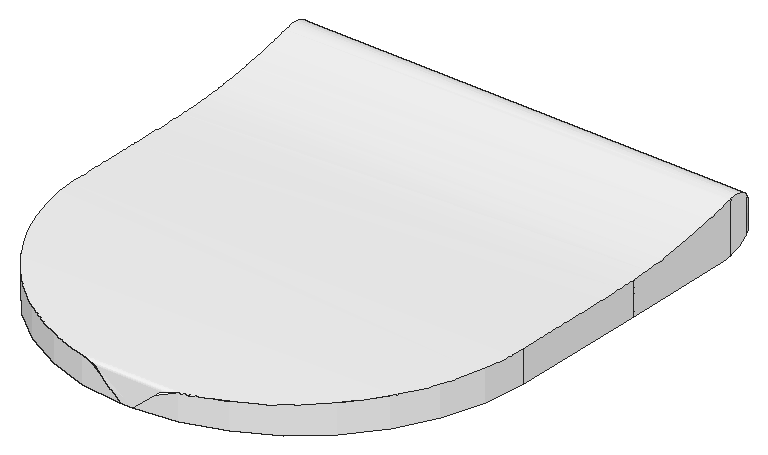
Revit family "Deca_Assento termofixo com easy clean e slow close_Termofixo UF_AP.286", category Plumbing Fixtures, host Face, Revit 2019
Family settings
  Host = Face
  Round Connector Dimension = Use Diameter
  Part Type = Normal
  Cut with Voids When Loaded = No
  Shared = Yes
  Room Calculation Point = No
Parameters (values of type "AP.286.17_Branco")
  Vazão na Pressão mín. (L/min) = "-"
  Vazão na Pressão máx. (L/min) = "-"
  URL = "www.deca.com.br"
  Tipo de rosca de saída = "-"
  Tipo de rosca de entrada = "-"
  Tipo de mecanismo utilizado = "-"
  Tipo de dispositivo economizador = "-"
  Segmento = "Banheiro Luxo"
  Saída de Esgoto = "-"
  Pressão mín. funcionamento = "-"
  Pressão mín. Aquec. Passagem = "-"
  Pressão mín. Aquec. Acúmulo = "-"
  Pressão máx. funcionamento = "-"
  Peso Líquido (Kg) = 1.55
  Norma = "NBR-16729"
  Model = "AP.286.17"
  Material = Deca_Plástico - Branco
  Manufacturer = "Deca"
  Linha = "Assento Termofixo Luxo"
  Itens de Instalação = "-"
  Informações Complementares = "-"
  Description = "Assento Termofixo com easy clean e slow close"
  Default Elevation = 0 m
  Código Pai = "AP.286"
  Criado por = "quattroD"
  Cores Componente = "Não Possui"
  Cor Secundária = "-"
  Cor Principal = "Branco"
  Cor Interna = "-"
  Consumo = "-"
  Composição Componente = "Não Possui"
  Composição Básica = "Termofixo UF"
  Composição Assento = "-"
  Composição Anel Vedação = "-"
  Categoria = "ASSENTOS"
  Atendimento ao Cliente = "0800-0117073"
  Aprovado por = "quattroD"
  Acompanha o Produto = "FIXAÇÃO ASSENTO"
Reference planes (m)
  plane 1 "Center (Front/Back)": y = 0.20029
  plane 2: z = 0
  plane 3 "Center (Left/Right)": x = 0
Forms (m)
  Extrusion 1, solid, material "Deca_Plástico - Branco" <- "Material"
    sketch origin (0.402425, 0, 0) x (1, 0, 0) y (0, 1, 0)
      loop
        arc (-0.202992, 0.19629) -> (-0.204457, 0.199826) -> (-0.207992, 0.20129) r 0.005
        line (-0.207992, 0.20129) -> (-0.596857, 0.20129)
        arc (-0.596857, 0.20129) -> (-0.600392, 0.199826) -> (-0.601858, 0.19629) r 0.005
        line (-0.601858, 0.19629) -> (-0.601858, 0.178393) -> (-0.601858, 0.068344) -> (-0.601858, -0.063673)
        arc (-0.601858, -0.063673) -> (-0.398606, -0.255355) -> (-0.202992, -0.055884) r 0.199509
        line (-0.202992, -0.055884) -> (-0.202992, 0.068344) -> (-0.202992, 0.178392) -> (-0.202992, 0.19629)
    from 0 to 0.047373
  Extrusion 2, void
    sketch origin (0, 0, 0) x (0, 1, 0) y (0, 0, 1)
      loop
        line (-0.292504, 0) -> (-0.255315, 0)
        spline (-0.255315, 0) -> (-0.227003, 0.024654) -> (-0.184842, 0.02645) -> (-0.149356, 0.027503) -> (-0.098046, 0.028164) -> (-0.04576, 0.028468) -> (-0.00062, 0.02852) -> (0.047927, 0.02872) -> (0.085328, 0.030192) -> (0.120161, 0.034514) -> (0.168171, 0.044109) -> (0.197774, 0.036582) -> (0.172581, 0)
        line (0.172581, 0) -> (0.20129, 0) -> (0.20129, 0.077844) -> (-0.292504, 0.077844) -> (-0.292504, 0)
    from -0.229238 to 0.25
  Extrusion 3, void
    sketch origin (0, 0, 0) x (0, 1, 0) y (0, 0, 1)
      loop
        arc (0.18832, 0.040992) -> (0.166303, 0.018976) -> (0.18832, -0.003041) r 0.022016
        line (0.18832, -0.003041) -> (0.21129, -0.003041) -> (0.21129, 0.040992) -> (0.18832, 0.040992)
    from -0.1435 to 0.1435
  Extrusion 4, solid, material "Deca_Plástico - Branco" <- "Material"
    sketch origin (0.08, 0.188289, 0.012) x (0, -1, 0) y (1, 0, 0)
      loop
        circle (0.001523, -0.16597) r 0.005
      loop
        circle (0.001523, 0.005991) r 0.005
    from 0 to 0.017463
Cuts and joins
  Extrusion 2, Extrusion 3 cuts Extrusion 1
Lines and regions (m)
  Masking region 1
    outline origin (0.402425, 0, 0) x (1, 0, 0) y (0, 1, 0)
      loop
        line (-0.202992, 0.193584) -> (-0.202992, 0.19629)
        arc (-0.202992, 0.19629) -> (-0.204457, 0.199826) -> (-0.207992, 0.20129) r 0.005
        line (-0.207992, 0.20129) -> (-0.257917, 0.20129)
        arc (-0.257917, 0.20129) -> (-0.258507, 0.201098) -> (-0.25887, 0.200595) r 0.001
        line (-0.25887, 0.200595) -> (-0.303978, 0.200595)
        arc (-0.303978, 0.200595) -> (-0.324407, 0.210504) -> (-0.342717, 0.197076) r 0.022
        line (-0.342717, 0.197076) -> (-0.462118, 0.197076)
        arc (-0.462118, 0.197076) -> (-0.480427, 0.210504) -> (-0.500856, 0.200595) r 0.022
        line (-0.500856, 0.200595) -> (-0.545965, 0.200595)
        arc (-0.545965, 0.200595) -> (-0.546327, 0.201098) -> (-0.546917, 0.20129) r 0.001
        line (-0.546917, 0.20129) -> (-0.596857, 0.20129)
        arc (-0.596857, 0.20129) -> (-0.600392, 0.199826) -> (-0.601858, 0.19629) r 0.005
        line (-0.601858, 0.19629) -> (-0.601858, 0.178393) -> (-0.601858, 0.068344) -> (-0.601858, -0.063673)
        arc (-0.601858, -0.063673) -> (-0.398606, -0.255355) -> (-0.202992, -0.055884) r 0.199509
        line (-0.202992, -0.055884) -> (-0.202992, 0.068344) -> (-0.202992, 0.178392) -> (-0.202992, 0.193584)
  Masking region 2
    outline origin (0, 1.835683, -0.849179) x (0, 1, 0) y (0, 0, 1)
      loop
        spline (-1.638482, 0.896869) -> (-1.639485, 0.898647) -> (-1.640764, 0.899734) -> (-1.642174, 0.900471) -> (-1.643611, 0.901039) -> (-1.645009, 0.901464) -> (-1.646316, 0.901769) -> (-1.647597, 0.901976) -> (-1.648998, 0.902105) -> (-1.650666, 0.902179) -> (-1.652712, 0.902175) -> (-1.655153, 0.901962) -> (-1.657991, 0.90139)
        arc (-1.657991, 0.90139) -> (-1.670048, 0.898208) -> (-1.682179, 0.895321) r 0.511809
        arc (-1.682179, 0.895321) -> (-1.698652, 0.891907) -> (-1.715233, 0.889058) r 0.491564
        arc (-1.715233, 0.889058) -> (-1.745545, 0.885326) -> (-1.776028, 0.883447) r 0.500962
        arc (-1.776028, 0.883447) -> (-1.785403, 0.883244) -> (-1.794781, 0.883218) r 0.496859
        line (-1.794781, 0.883218) -> (-1.833376, 0.883482) -> (-1.852674, 0.88357) -> (-1.867151, 0.88364) -> (-1.881629, 0.883676) -> (-1.896107, 0.883676) -> (-1.910584, 0.88364) -> (-1.927314, 0.883535) -> (-1.935669, 0.883464) -> (-1.944043, 0.883359) -> (-1.955196, 0.883201) -> (-1.966349, 0.882989) -> (-1.977502, 0.882743) -> (-1.9892, 0.882444) -> (-2.000898, 0.882075) -> (-2.012596, 0.88167) -> (-2.026458, 0.881125) -> (-2.037523, 0.88065) -> (-2.051667, 0.879999) -> (-2.06581, 0.879366) -> (-2.074993, 0.878979) -> (-2.084175, 0.878609)
        arc (-2.084175, 0.878609) -> (-2.087567, 0.877204) -> (-2.088973, 0.873812) r 0.004797
        line (-2.088973, 0.873812) -> (-2.089101, 0.872294) -> (-2.089189, 0.871063) -> (-2.089294, 0.869814) -> (-2.089382, 0.868565) -> (-2.089488, 0.867333) -> (-2.089576, 0.866084) -> (-2.089664, 0.864835) -> (-2.089769, 0.863604) -> (-2.089857, 0.862355) -> (-2.089945, 0.861106) -> (-2.090033, 0.859874) -> (-2.090139, 0.858626) -> (-2.090227, 0.857377) -> (-2.090315, 0.856145) -> (-2.090403, 0.854896) -> (-2.021447, 0.854896)
        arc (-2.021447, 0.854896) -> (-2.019465, 0.851986) -> (-2.016132, 0.85085) r 0.005561
        line (-2.016132, 0.85085) -> (-1.723923, 0.848968)
        arc (-1.723923, 0.848968) -> (-1.720029, 0.850759) -> (-1.718909, 0.854896) r 0.005057
        line (-1.718909, 0.854896) -> (-1.670832, 0.854896) -> (-1.670832, 0.849179) -> (-1.625394, 0.849179) -> (-1.625394, 0.8611)
        arc (-1.625394, 0.8611) -> (-1.634596, 0.861308) -> (-1.643801, 0.861405) r 0.764477
        arc (-1.643801, 0.861405) -> (-1.641546, 0.86339) -> (-1.639502, 0.865592) r 0.02995
        line (-1.639502, 0.865592) -> (-1.638218, 0.867122)
        arc (-1.638218, 0.867122) -> (-1.635192, 0.872366) -> (-1.634137, 0.878328) r 0.017475
        line (-1.634137, 0.878328) -> (-1.634172, 0.879471) -> (-1.63426, 0.880404) -> (-1.634453, 0.881635) -> (-1.634735, 0.882849) -> (-1.638148, 0.895602) -> (-1.638482, 0.896869)
  Masking region 3
    outline origin (0.000011, 0.20029, -0.274142) x (1, 0, 0) y (0, 0, 1)
      loop
        arc (-0.19107, 0.32686) -> (-0.194593, 0.3254) -> (-0.196053, 0.321877) r 0.004982
        line (-0.196053, 0.321877) -> (-0.199653, 0.279486) -> (-0.182047, 0.279486)
        arc (-0.182047, 0.279486) -> (-0.181805, 0.278706) -> (-0.181338, 0.278036) r 0.002663
        line (-0.181338, 0.278036) -> (-0.180498, 0.277481) -> (-0.179355, 0.276971) -> (-0.178158, 0.276636) -> (-0.176927, 0.276496) -> (-0.172951, 0.276496) -> (-0.169842, 0.276496) -> (-0.168659, 0.275968) -> (-0.167463, 0.275634) -> (-0.166231, 0.275493) -> (-0.161218, 0.275493) -> (-0.143873, 0.275493) -> (-0.140918, 0.275493) -> (-0.139686, 0.275634) -> (-0.13849, 0.275968) -> (-0.137347, 0.276478) -> (-0.136657, 0.276934)
        arc (-0.136657, 0.276934) -> (-0.136134, 0.277493) -> (-0.135922, 0.278227) r 0.001643
        line (-0.135922, 0.278227) -> (-0.135922, 0.279486) -> (-0.117917, 0.279486)
        arc (-0.117917, 0.279486) -> (-0.11659, 0.275654) -> (-0.112897, 0.273979) r 0.005138
        line (-0.112897, 0.273979) -> (-0.106896, 0.273857) -> (-0.102903, 0.273804) -> (-0.093421, 0.273716) -> (-0.076551, 0.273628) -> (-0.052715, 0.273628) -> (-0.000011, 0.273628) -> (0.052715, 0.273628)
        arc (0.052715, 0.273628) -> (0.082809, 0.273733) -> (0.112901, 0.274048) r 4.313202
        arc (0.112901, 0.274048) -> (0.116547, 0.275718) -> (0.117915, 0.279486) r 0.005191
        line (0.117915, 0.279486) -> (0.135987, 0.279486) -> (0.135987, 0.277956)
        arc (0.135987, 0.277956) -> (0.136881, 0.276832) -> (0.138143, 0.276147) r 0.003594
        arc (0.138143, 0.276147) -> (0.139552, 0.275771) -> (0.140983, 0.275493) r 0.020977
        line (0.140983, 0.275493) -> (0.166332, 0.275493)
        arc (0.166332, 0.275493) -> (0.16819, 0.275806) -> (0.169942, 0.276496) r 0.009077
        line (0.169942, 0.276496) -> (0.172894, 0.276496) -> (0.176922, 0.276496)
        arc (0.176922, 0.276496) -> (0.179365, 0.276926) -> (0.181514, 0.278167) r 0.007143
        arc (0.181514, 0.278167) -> (0.182062, 0.278766) -> (0.182437, 0.279486) r 0.003112
        line (0.182437, 0.279486) -> (0.199653, 0.279486) -> (0.196055, 0.321853)
        arc (0.196055, 0.321853) -> (0.194588, 0.325393) -> (0.191048, 0.32686) r 0.005007
        line (0.191048, 0.32686) -> (-0.19107, 0.32686)
  symbolic lines
    curve 1: line (-0.199433, 0.192542, 0) -> (-0.199433, 0.191523, 0)
    curve 2: line (-0.199433, 0.191523, 0) -> (-0.199433, 0.178393, 0)
    curve 3: line (-0.199433, 0.178393, 0) -> (-0.199433, 0.068344, 0)
    curve 4: line (-0.199433, 0.068344, 0) -> (-0.199433, -0.063673, 0)
    curve 5: line (0.199432, 0.192542, 0) -> (0.199432, 0.191522, 0)
    curve 6: line (0.199432, 0.191522, 0) -> (0.199432, 0.178392, 0)
    curve 7: line (0.199432, 0.178392, 0) -> (0.199432, 0.068344, 0)
    curve 8: line (0.199432, 0.068344, 0) -> (0.199432, -0.055884, 0)
    curve 9: arc (-0.194432, 0.20129, 0) -> (-0.197967, 0.199826, 0) -> (-0.199432, 0.196292, 0) r 0.005
    curve 10: line (-0.144493, 0.20129, 0) -> (-0.194432, 0.20129, 0)
    curve 11: line (-0.199432, 0.195848, 0) -> (-0.199432, 0.193691, 0)
    curve 12: arc (0.199432, -0.055884, 0) -> (0.003819, -0.255355, 0) -> (-0.199433, -0.063673, 0) r 0.199509
    curve 13: arc (0.199432, 0.196291, 0) -> (0.197968, 0.199826, 0) -> (0.194432, 0.20129, 0) r 0.005
    curve 14: line (0.194432, 0.20129, 0) -> (0.144507, 0.20129, 0)
    curve 15: line (-0.144493, 0.197076, 0) -> (0.144507, 0.197076, 0)
    curve 16: arc (0.144507, 0.20129, 0) -> (0.1438, 0.200997, 0) -> (0.143507, 0.20029, 0) r 0.001
    curve 17: line (0.143507, 0.197076, 0) -> (0.143507, 0.199726, 0)
    curve 18: line (0.143555, 0.200595, 0) -> (0.093007, 0.200595, 0)
    curve 19: arc (0.093007, 0.200595, 0) -> (0.0923, 0.200302, 0) -> (0.092007, 0.199595, 0) r 0.001
    curve 20: line (0.092007, 0.199595, 0) -> (0.092007, 0.197095, 0)
    curve 21: line (0.092007, 0.197095, 0) -> (0.080007, 0.197095, 0)
    curve 22: line (0.080007, 0.197095, 0) -> (0.080007, 0.199595, 0)
    curve 23: arc (0.080007, 0.199595, 0) -> (0.079714, 0.200302, 0) -> (0.079007, 0.200595, 0) r 0.001
    curve 24: line (0.079007, 0.200595, 0) -> (0.069007, 0.200595, 0)
    curve 25: line (0.069007, 0.200595, 0) -> (0.069007, 0.197076, 0)
    curve 26: arc (0.098446, 0.200595, 0) -> (0.078017, 0.210504, 0) -> (0.059708, 0.197076, 0) r 0.022
    curve 27: line (-0.067993, 0.197076, 0) -> (-0.067993, 0.200595, 0)
    curve 28: line (-0.067993, 0.200595, 0) -> (-0.078993, 0.200595, 0)
    curve 29: arc (-0.078993, 0.200595, 0) -> (-0.0797, 0.200302, 0) -> (-0.079993, 0.199595, 0) r 0.001
    curve 30: line (-0.079993, 0.199595, 0) -> (-0.079993, 0.197095, 0)
    curve 31: line (-0.079993, 0.197095, 0) -> (-0.091993, 0.197095, 0)
    curve 32: line (-0.091993, 0.197095, 0) -> (-0.091993, 0.199595, 0)
    curve 33: arc (-0.091993, 0.199595, 0) -> (-0.092286, 0.200302, 0) -> (-0.092993, 0.200595, 0) r 0.001
    curve 34: line (-0.092993, 0.200595, 0) -> (-0.14354, 0.200595, 0)
    curve 35: arc (-0.059693, 0.197076, 0) -> (-0.078002, 0.210504, 0) -> (-0.098432, 0.200595, 0) r 0.022
    curve 36: line (-0.143493, 0.20029, 0) -> (-0.143493, 0.197076, 0)
    curve 37: arc (-0.143493, 0.20029, 0) -> (-0.143786, 0.200997, 0) -> (-0.144493, 0.20129, 0) r 0.001
    curve 38: line (0, -0.253277, 0.024839) -> (0, -0.253031, 0.026053)
    curve 39: line (0, -0.253031, 0.026053) -> (0, -0.252485, 0.027161)
    curve 40: line (0, -0.252485, 0.027161) -> (0, -0.251694, 0.028111)
    curve 41: line (0, -0.251694, 0.028111) -> (0, -0.250674, 0.028832)
    curve 42: line (0, -0.250674, 0.028832) -> (0, -0.24953, 0.02929)
    curve 43: line (0, -0.24953, 0.02929) -> (0, -0.248492, 0.02943)
    curve 44: line (0, -0.248492, 0.02943) -> (0, -0.23931, 0.0298)
    curve 45: line (0, -0.23931, 0.0298) -> (0, -0.230127, 0.030187)
    curve 46: line (0, -0.230127, 0.030187) -> (0, -0.215983, 0.03082)
    curve 47: line (0, -0.215983, 0.03082) -> (0, -0.20184, 0.031471)
    curve 48: line (0, -0.20184, 0.031471) -> (0, -0.190775, 0.031946)
    curve 49: line (0, -0.190775, 0.031946) -> (0, -0.176913, 0.032491)
    curve 50: line (0, -0.176913, 0.032491) -> (0, -0.165215, 0.032896)
    curve 51: line (0, -0.165215, 0.032896) -> (0, -0.153517, 0.033265)
    curve 52: line (0, -0.153517, 0.033265) -> (0, -0.141818, 0.033564)
    curve 53: line (0, -0.141818, 0.033564) -> (0, -0.130666, 0.033811)
    curve 54: line (0, -0.130666, 0.033811) -> (0, -0.119513, 0.034022)
    curve 55: line (0, -0.119513, 0.034022) -> (0, -0.10836, 0.03418)
    curve 56: line (0, -0.10836, 0.03418) -> (0, -0.099986, 0.034285)
    curve 57: line (0, -0.099986, 0.034285) -> (0, -0.09163, 0.034356)
    curve 58: line (0, -0.09163, 0.034356) -> (0, -0.074901, 0.034461)
    curve 59: line (0, -0.074901, 0.034461) -> (0, -0.060423, 0.034497)
    curve 60: line (0, -0.060423, 0.034497) -> (0, -0.045946, 0.034497)
    curve 61: line (0, -0.045946, 0.034497) -> (0, -0.031468, 0.034461)
    curve 62: line (0, -0.031468, 0.034461) -> (0, -0.01699, 0.034391)
    curve 63: line (0, -0.01699, 0.034391) -> (0, 0.002307, 0.034303)
    curve 64: line (0, 0.002307, 0.034303) -> (0, 0.040903, 0.034039)
    curve 65: line (0, 0.040903, 0.034039) -> (0, 0.042204, 0.034039)
    curve 66: line (0, 0.042204, 0.034039) -> (0, 0.043453, 0.034039)
    curve 67: line (0, 0.043453, 0.034039) -> (0, 0.044702, 0.034039)
    curve 68: line (0, 0.044702, 0.034039) -> (0, 0.045951, 0.034039)
    curve 69: line (0, 0.045951, 0.034039) -> (0, 0.0472, 0.034039)
    curve 70: line (0, 0.0472, 0.034039) -> (0, 0.048432, 0.034057)
    curve 71: line (0, 0.048432, 0.034057) -> (0, 0.049681, 0.034057)
    curve 72: line (0, 0.049681, 0.034057) -> (0, 0.05093, 0.034074)
    curve 73: line (0, 0.05093, 0.034074) -> (0, 0.052179, 0.034092)
    curve 74: line (0, 0.052179, 0.034092) -> (0, 0.053428, 0.034127)
    curve 75: line (0, 0.053428, 0.034127) -> (0, 0.054677, 0.034145)
    curve 76: line (0, 0.054677, 0.034145) -> (0, 0.055926, 0.03418)
    curve 77: line (0, 0.055926, 0.03418) -> (0, 0.057157, 0.034198)
    curve 78: line (0, 0.057157, 0.034198) -> (0, 0.058406, 0.034233)
    curve 79: line (0, 0.058406, 0.034233) -> (0, 0.059655, 0.034268)
    curve 80: line (0, 0.059655, 0.034268) -> (0, 0.060904, 0.034321)
    curve 81: line (0, 0.060904, 0.034321) -> (0, 0.062153, 0.034356)
    curve 82: line (0, 0.062153, 0.034356) -> (0, 0.063402, 0.034409)
    curve 83: line (0, 0.063402, 0.034409) -> (0, 0.064633, 0.034444)
    curve 84: line (0, 0.064633, 0.034444) -> (0, 0.065882, 0.034497)
    curve 85: line (0, 0.065882, 0.034497) -> (0, 0.067131, 0.034567)
    curve 86: line (0, 0.067131, 0.034567) -> (0, 0.06838, 0.03462)
    curve 87: line (0, 0.06838, 0.03462) -> (0, 0.069629, 0.034672)
    curve 88: line (0, 0.069629, 0.034672) -> (0, 0.070861, 0.034743)
    curve 89: line (0, 0.070861, 0.034743) -> (0, 0.07211, 0.034813)
    curve 90: line (0, 0.07211, 0.034813) -> (0, 0.073359, 0.034884)
    curve 91: line (0, 0.073359, 0.034884) -> (0, 0.074607, 0.034954)
    curve 92: line (0, 0.074607, 0.034954) -> (0, 0.075839, 0.035042)
    curve 93: line (0, 0.075839, 0.035042) -> (0, 0.077088, 0.035112)
    curve 94: line (0, 0.077088, 0.035112) -> (0, 0.078337, 0.0352)
    curve 95: line (0, 0.078337, 0.0352) -> (0, 0.079568, 0.035288)
    curve 96: line (0, 0.079568, 0.035288) -> (0, 0.080817, 0.035376)
    curve 97: line (0, 0.080817, 0.035376) -> (0, 0.082066, 0.035464)
    curve 98: line (0, 0.082066, 0.035464) -> (0, 0.083298, 0.03557)
    curve 99: line (0, 0.083298, 0.03557) -> (0, 0.084547, 0.035658)
    curve 100: line (0, 0.084547, 0.035658) -> (0, 0.085796, 0.035763)
    curve 101: line (0, 0.085796, 0.035763) -> (0, 0.087027, 0.035869)
    curve 102: line (0, 0.087027, 0.035869) -> (0, 0.088276, 0.035974)
    curve 103: line (0, 0.088276, 0.035974) -> (0, 0.089525, 0.036097)
    curve 104: line (0, 0.089525, 0.036097) -> (0, 0.090756, 0.036203)
    curve 105: line (0, 0.090756, 0.036203) -> (0, 0.092005, 0.036326)
    curve 106: line (0, 0.092005, 0.036326) -> (0, 0.093237, 0.036449)
    curve 107: line (0, 0.093237, 0.036449) -> (0, 0.094486, 0.036572)
    curve 108: line (0, 0.094486, 0.036572) -> (0, 0.095717, 0.036695)
    curve 109: line (0, 0.095717, 0.036695) -> (0, 0.096966, 0.036819)
    curve 110: line (0, 0.096966, 0.036819) -> (0, 0.098197, 0.036959)
    curve 111: line (0, 0.098197, 0.036959) -> (0, 0.099446, 0.0371)
    curve 112: line (0, 0.099446, 0.0371) -> (0, 0.100678, 0.037241)
    curve 113: line (0, 0.100678, 0.037241) -> (0, 0.101909, 0.037382)
    curve 114: line (0, 0.101909, 0.037382) -> (0, 0.103158, 0.037522)
    curve 115: line (0, 0.103158, 0.037522) -> (0, 0.10439, 0.037681)
    curve 116: line (0, 0.10439, 0.037681) -> (0, 0.105621, 0.037821)
    curve 117: line (0, 0.105621, 0.037821) -> (0, 0.10687, 0.03798)
    curve 118: line (0, 0.10687, 0.03798) -> (0, 0.108101, 0.038138)
    curve 119: line (0, 0.108101, 0.038138) -> (0, 0.109333, 0.038296)
    curve 120: line (0, 0.109333, 0.038296) -> (0, 0.110582, 0.038455)
    curve 121: line (0, 0.110582, 0.038455) -> (0, 0.111813, 0.038631)
    curve 122: line (0, 0.111813, 0.038631) -> (0, 0.113045, 0.038806)
    curve 123: line (0, 0.113045, 0.038806) -> (0, 0.114276, 0.038982)
    curve 124: line (0, 0.114276, 0.038982) -> (0, 0.115507, 0.039158)
    curve 125: line (0, 0.115507, 0.039158) -> (0, 0.116739, 0.039334)
    curve 126: line (0, 0.116739, 0.039334) -> (0, 0.117988, 0.03951)
    curve 127: line (0, 0.117988, 0.03951) -> (0, 0.119219, 0.039704)
    curve 128: line (0, 0.119219, 0.039704) -> (0, 0.12045, 0.03988)
    curve 129: line (0, 0.12045, 0.03988) -> (0, 0.121682, 0.040073)
    curve 130: line (0, 0.121682, 0.040073) -> (0, 0.122913, 0.040267)
    curve 131: line (0, 0.122913, 0.040267) -> (0, 0.124145, 0.040478)
    curve 132: line (0, 0.124145, 0.040478) -> (0, 0.125376, 0.040671)
    curve 133: line (0, 0.125376, 0.040671) -> (0, 0.126607, 0.040882)
    curve 134: line (0, 0.126607, 0.040882) -> (0, 0.127821, 0.041093)
    curve 135: line (0, 0.127821, 0.041093) -> (0, 0.129053, 0.041304)
    curve 136: line (0, 0.129053, 0.041304) -> (0, 0.130284, 0.041516)
    curve 137: line (0, 0.130284, 0.041516) -> (0, 0.131515, 0.041727)
    curve 138: line (0, 0.131515, 0.041727) -> (0, 0.132747, 0.041938)
    curve 139: line (0, 0.132747, 0.041938) -> (0, 0.133961, 0.042166)
    curve 140: line (0, 0.133961, 0.042166) -> (0, 0.135192, 0.042395)
    curve 141: line (0, 0.135192, 0.042395) -> (0, 0.136423, 0.042624)
    curve 142: line (0, 0.136423, 0.042624) -> (0, 0.137637, 0.042852)
    curve 143: line (0, 0.137637, 0.042852) -> (0, 0.138869, 0.043099)
    curve 144: line (0, 0.138869, 0.043099) -> (0, 0.140082, 0.043327)
    curve 145: line (0, 0.140082, 0.043327) -> (0, 0.141314, 0.043574)
    curve 146: line (0, 0.141314, 0.043574) -> (0, 0.142545, 0.04382)
    curve 147: line (0, 0.142545, 0.04382) -> (0, 0.143759, 0.044066)
    curve 148: line (0, 0.143759, 0.044066) -> (0, 0.144973, 0.044313)
    curve 149: line (0, 0.144973, 0.044313) -> (0, 0.146204, 0.044559)
    curve 150: line (0, 0.146204, 0.044559) -> (0, 0.147418, 0.044823)
    curve 151: line (0, 0.147418, 0.044823) -> (0, 0.148632, 0.045087)
    curve 152: line (0, 0.148632, 0.045087) -> (0, 0.149863, 0.04535)
    curve 153: line (0, 0.149863, 0.04535) -> (0, 0.151077, 0.045614)
    curve 154: line (0, 0.151077, 0.045614) -> (0, 0.152291, 0.045878)
    curve 155: line (0, 0.152291, 0.045878) -> (0, 0.153505, 0.046142)
    curve 156: line (0, 0.153505, 0.046142) -> (0, 0.154718, 0.046423)
    curve 157: line (0, 0.154718, 0.046423) -> (0, 0.15595, 0.046705)
    curve 158: line (0, 0.15595, 0.046705) -> (0, 0.157164, 0.046986)
    curve 159: line (0, 0.157164, 0.046986) -> (0, 0.158377, 0.047268)
    curve 160: line (0, 0.158377, 0.047268) -> (0, 0.159591, 0.047549)
    curve 161: line (0, 0.159591, 0.047549) -> (0, 0.160787, 0.047848)
    curve 162: line (0, 0.160787, 0.047848) -> (0, 0.162001, 0.04813)
    curve 163: line (0, 0.162001, 0.04813) -> (0, 0.163215, 0.048429)
    curve 164: line (0, 0.163215, 0.048429) -> (0, 0.164429, 0.048728)
    curve 165: line (0, 0.164429, 0.048728) -> (0, 0.165643, 0.049027)
    curve 166: line (0, 0.165643, 0.049027) -> (0, 0.166839, 0.049344)
    curve 167: line (0, 0.166839, 0.049344) -> (0, 0.168053, 0.049643)
    curve 168: line (0, 0.168053, 0.049643) -> (0, 0.169266, 0.049959)
    curve 169: line (0, 0.169266, 0.049959) -> (0, 0.170463, 0.050276)
    curve 170: line (0, 0.170463, 0.050276) -> (0, 0.171676, 0.050593)
    curve 171: line (0, 0.171676, 0.050593) -> (0, 0.172873, 0.050909)
    curve 172: line (0, 0.172873, 0.050909) -> (0, 0.174086, 0.051226)
    curve 173: line (0, 0.174086, 0.051226) -> (0, 0.175283, 0.05156)
    curve 174: line (0, 0.175283, 0.05156) -> (0, 0.176496, 0.051877)
    curve 175: line (0, 0.176496, 0.051877) -> (0, 0.177693, 0.052211)
    curve 176: line (0, 0.197201, 0.04769) -> (0, 0.197536, 0.046423)
    curve 177: line (0, 0.197536, 0.046423) -> (0, 0.200948, 0.03367)
    curve 178: line (0, 0.200948, 0.03367) -> (0, 0.20123, 0.032456)
    curve 179: line (0, 0.20123, 0.032456) -> (0, 0.201423, 0.031225)
    curve 180: line (0, 0.201423, 0.031225) -> (0, 0.201511, 0.030292)
    curve 181: line (0, 0.201511, 0.030292) -> (0, 0.201546, 0.029149)
    curve 182: arc (0, 0.201546, 0.029149) -> (0, 0.200491, 0.023187) -> (0, 0.197465, 0.017943) r 0.017475
    curve 183: line (0, 0.197465, 0.017943) -> (0, 0.196181, 0.016413)
    curve 184: arc (0, 0.196181, 0.016413) -> (0, 0.185905, 0.008526) -> (0, 0.17326, 0.005717) r 0.02995
    curve 185: line (0, 0.17326, 0.005717) -> (0, -0.25472, 0.005717)
    curve 186: line (0, -0.25472, 0.005717) -> (0, -0.254632, 0.006966)
    curve 187: line (0, -0.254632, 0.006966) -> (0, -0.254544, 0.008198)
    curve 188: line (0, -0.254544, 0.008198) -> (0, -0.254456, 0.009447)
    curve 189: line (0, -0.254456, 0.009447) -> (0, -0.25435, 0.010696)
    curve 190: line (0, -0.25435, 0.010696) -> (0, -0.254262, 0.011927)
    curve 191: line (0, -0.254262, 0.011927) -> (0, -0.254174, 0.013176)
    curve 192: line (0, -0.254174, 0.013176) -> (0, -0.254086, 0.014425)
    curve 193: line (0, -0.254086, 0.014425) -> (0, -0.253981, 0.015656)
    curve 194: line (0, -0.253981, 0.015656) -> (0, -0.253893, 0.016905)
    curve 195: line (0, -0.253893, 0.016905) -> (0, -0.253805, 0.018154)
    curve 196: line (0, -0.253805, 0.018154) -> (0, -0.253699, 0.019386)
    curve 197: line (0, -0.253699, 0.019386) -> (0, -0.253611, 0.020635)
    curve 198: line (0, -0.253611, 0.020635) -> (0, -0.253506, 0.021884)
    curve 199: line (0, -0.253506, 0.021884) -> (0, -0.253418, 0.023115)
    curve 200: line (0, -0.253418, 0.023115) -> (0, -0.253312, 0.024364)
    curve 201: line (0, 0.177693, 0.052211) -> (0, 0.197201, 0.04769)
    curve 202: line (0, 0.11176, -0.000211) -> (0, -0.180449, 0.001671)
    curve 203: line (0, 0.210289, 0.011921) -> (0, 0.210289, 0)
    curve 204: line (0, 0.164851, 0) -> (0, 0.164851, 0.005717)
    curve 205: line (0, 0.164851, 0) -> (0, 0.210289, 0)
    curve 206: arc (0, 0.191882, 0.012226) -> (0, 0.201087, 0.012129) -> (0, 0.210289, 0.011921) r 0.764477
    curve 207: line (0, -0.128801, 0.005717) -> (0, -0.128801, 0.004187)
    curve 208: line (0, -0.128801, 0.004187) -> (0, -0.128414, 0.003395)
    curve 209: line (0, -0.128414, 0.003395) -> (0, -0.127376, 0.002709)
    curve 210: line (0, -0.127376, 0.002709) -> (0, -0.126233, 0.002199)
    curve 211: line (0, -0.126233, 0.002199) -> (0, -0.125036, 0.001865)
    curve 212: line (0, -0.125036, 0.001865) -> (0, -0.123805, 0.001724)
    curve 213: line (0, -0.123805, 0.001724) -> (0, -0.115959, 0.001724)
    curve 214: line (0, -0.115959, 0.001724) -> (0, -0.111174, 0.001724)
    curve 215: line (0, -0.111174, 0.001724) -> (0, -0.109943, 0.001865)
    curve 216: line (0, -0.109943, 0.001865) -> (0, -0.108747, 0.002199)
    curve 217: line (0, -0.108747, 0.002199) -> (0, -0.107621, 0.002727)
    curve 218: line (0, -0.107621, 0.002727) -> (0, -0.106583, 0.003395)
    curve 219: line (0, -0.106583, 0.003395) -> (0, -0.106196, 0.004187)
    curve 220: line (0, -0.106196, 0.004187) -> (0, -0.106196, 0.005717)
    curve 221: line (0, 0.050472, 0.005189) -> (0, 0.050834, 0.004415)
    curve 222: line (0, 0.050834, 0.004415) -> (0, 0.051897, 0.003712)
    curve 223: line (0, 0.051897, 0.003712) -> (0, 0.053023, 0.003202)
    curve 224: line (0, 0.053023, 0.003202) -> (0, 0.054219, 0.002867)
    curve 225: line (0, 0.054219, 0.002867) -> (0, 0.055451, 0.002727)
    curve 226: line (0, 0.055451, 0.002727) -> (0, 0.063437, 0.002727)
    curve 227: line (0, 0.063437, 0.002727) -> (0, 0.064668, 0.002867)
    curve 228: line (0, 0.064668, 0.002867) -> (0, 0.065865, 0.003202)
    curve 229: line (0, 0.065865, 0.003202) -> (0, 0.06699, 0.003712)
    curve 230: line (0, 0.06699, 0.003712) -> (0, 0.068028, 0.004398)
    curve 231: line (0, 0.068028, 0.004398) -> (0, 0.068415, 0.005189)
    curve 232: arc (0, 0.11176, -0.000211) -> (0, 0.115654, 0.00158) -> (0, 0.116774, 0.005717) r 0.005057
    curve 233: arc (0, 0.188089, 0.009517) -> (0, 0.19846, 0.009442) -> (0, 0.208829, 0.009253) r 0.949966
    curve 234: line (0, 0.209885, 0.008778) -> (0, 0.210289, 0.007758)
    curve 235: line (0, 0.208829, 0.009253) -> (0, 0.209885, 0.008778)
    curve 236: line (0.19609, 0.20029, 0.047422) -> (0.197742, 0.20029, 0.027976)
    curve 237: line (0.197742, 0.20029, 0.027976) -> (0.197498, 0.20029, 0.02918)
    curve 238: line (0.197498, 0.20029, 0.02918) -> (0.196952, 0.20029, 0.030289)
    curve 239: line (0.196952, 0.20029, 0.030289) -> (0.196161, 0.20029, 0.031238)
    curve 240: line (0.196161, 0.20029, 0.031238) -> (0.19514, 0.20029, 0.031942)
    curve 241: line (0.19514, 0.20029, 0.031942) -> (0.193997, 0.20029, 0.0324)
    curve 242: line (0.193997, 0.20029, 0.0324) -> (0.192836, 0.20029, 0.032558)
    curve 243: arc (0.192836, 0.20029, 0.032558) -> (0.096421, 0.20029, 0.033739) -> (0, 0.20029, 0.034123) r 11.680748
    curve 244: arc (0, 0.20029, 0.034123) -> (-0.096412, 0.20029, 0.033734) -> (-0.192818, 0.20029, 0.032558) r 11.80739
    curve 245: line (-0.192818, 0.20029, 0.032558) -> (-0.19405, 0.20029, 0.032382)
    curve 246: line (-0.19405, 0.20029, 0.032382) -> (-0.195211, 0.20029, 0.031907)
    curve 247: line (-0.195211, 0.20029, 0.031907) -> (-0.196196, 0.20029, 0.031186)
    curve 248: line (-0.196196, 0.20029, 0.031186) -> (-0.196988, 0.20029, 0.030218)
    curve 249: line (-0.196988, 0.20029, 0.030218) -> (-0.197515, 0.20029, 0.02911)
    curve 250: line (-0.197515, 0.20029, 0.02911) -> (-0.197736, 0.20029, 0.028006)
    curve 251: line (-0.197736, 0.20029, 0.028006) -> (-0.197832, 0.20029, 0.026665)
    curve 252: line (-0.197832, 0.20029, 0.026665) -> (-0.197937, 0.20029, 0.025416)
    curve 253: line (-0.197937, 0.20029, 0.025416) -> (-0.198043, 0.20029, 0.024167)
    curve 254: line (-0.198043, 0.20029, 0.024167) -> (-0.198131, 0.20029, 0.022935)
    curve 255: line (-0.198131, 0.20029, 0.022935) -> (-0.198236, 0.20029, 0.021686)
    curve 256: line (-0.198236, 0.20029, 0.021686) -> (-0.198324, 0.20029, 0.020437)
    curve 257: line (-0.198324, 0.20029, 0.020437) -> (-0.19843, 0.20029, 0.019206)
    curve 258: line (-0.19843, 0.20029, 0.019206) -> (-0.198518, 0.20029, 0.017957)
    curve 259: line (-0.198518, 0.20029, 0.017957) -> (-0.198624, 0.20029, 0.016708)
    curve 260: line (-0.198624, 0.20029, 0.016708) -> (-0.198711, 0.20029, 0.015477)
    curve 261: line (-0.198711, 0.20029, 0.015477) -> (-0.198799, 0.20029, 0.014228)
    curve 262: line (-0.198799, 0.20029, 0.014228) -> (-0.198905, 0.20029, 0.012979)
    curve 263: line (-0.198905, 0.20029, 0.012979) -> (-0.198993, 0.20029, 0.011747)
    curve 264: line (-0.198993, 0.20029, 0.011747) -> (-0.199081, 0.20029, 0.010498)
    curve 265: line (-0.199081, 0.20029, 0.010498) -> (-0.199169, 0.20029, 0.009249)
    curve 266: line (-0.199169, 0.20029, 0.009249) -> (-0.199257, 0.20029, 0.008018)
    curve 267: line (-0.199257, 0.20029, 0.008018) -> (-0.199362, 0.20029, 0.006769)
    curve 268: line (-0.199362, 0.20029, 0.006769) -> (-0.19945, 0.20029, 0.00552)
    curve 269: line (-0.19602, 0.20029, 0.048161) -> (-0.195774, 0.20029, 0.049322)
    curve 270: line (-0.195774, 0.20029, 0.049322) -> (-0.195228, 0.20029, 0.050448)
    curve 271: line (-0.195228, 0.20029, 0.050448) -> (-0.194437, 0.20029, 0.051381)
    curve 272: line (-0.194437, 0.20029, 0.051381) -> (-0.193434, 0.20029, 0.052102)
    curve 273: line (-0.193434, 0.20029, 0.052102) -> (-0.192291, 0.20029, 0.052559)
    curve 274: line (-0.192291, 0.20029, 0.052559) -> (-0.191059, 0.20029, 0.052717)
    curve 275: line (-0.191059, 0.20029, 0.052717) -> (0.191059, 0.20029, 0.052717)
    curve 276: line (0.191059, 0.20029, 0.052717) -> (0.192238, 0.20029, 0.052577)
    curve 277: line (0.192238, 0.20029, 0.052577) -> (0.193399, 0.20029, 0.052137)
    curve 278: line (0.193399, 0.20029, 0.052137) -> (0.194402, 0.20029, 0.051416)
    curve 279: line (0.194402, 0.20029, 0.051416) -> (0.195211, 0.20029, 0.050483)
    curve 280: line (0.195211, 0.20029, 0.050483) -> (0.195774, 0.20029, 0.049375)
    curve 281: line (0.195774, 0.20029, 0.049375) -> (0.196038, 0.20029, 0.048161)
    curve 282: line (0.197762, 0.20029, 0.02772) -> (0.197867, 0.20029, 0.026471)
    curve 283: line (0.197867, 0.20029, 0.026471) -> (0.197955, 0.20029, 0.025222)
    curve 284: line (0.197955, 0.20029, 0.025222) -> (0.198061, 0.20029, 0.023991)
    curve 285: line (0.198061, 0.20029, 0.023991) -> (0.198166, 0.20029, 0.022742)
    curve 286: line (0.198166, 0.20029, 0.022742) -> (0.198254, 0.20029, 0.021493)
    curve 287: line (0.198254, 0.20029, 0.021493) -> (0.19836, 0.20029, 0.020262)
    curve 288: line (0.19836, 0.20029, 0.020262) -> (0.198448, 0.20029, 0.019013)
    curve 289: line (0.198448, 0.20029, 0.019013) -> (0.198536, 0.20029, 0.017764)
    curve 290: line (0.198536, 0.20029, 0.017764) -> (0.198641, 0.20029, 0.016532)
    curve 291: line (0.198641, 0.20029, 0.016532) -> (0.198729, 0.20029, 0.015283)
    curve 292: line (0.198729, 0.20029, 0.015283) -> (0.198835, 0.20029, 0.014034)
    curve 293: line (0.198835, 0.20029, 0.014034) -> (0.198923, 0.20029, 0.012803)
    curve 294: line (0.198923, 0.20029, 0.012803) -> (0.199011, 0.20029, 0.011554)
    curve 295: line (0.199011, 0.20029, 0.011554) -> (0.199099, 0.20029, 0.010305)
    curve 296: line (0.199099, 0.20029, 0.010305) -> (0.199186, 0.20029, 0.009073)
    curve 297: line (0.199186, 0.20029, 0.009073) -> (0.199292, 0.20029, 0.007824)
    curve 298: line (0.199292, 0.20029, 0.007824) -> (0.19938, 0.20029, 0.006575)
    curve 299: line (0.19938, 0.20029, 0.006575) -> (0.199468, 0.20029, 0.005344)
    curve 300: line (0.199468, 0.20029, 0.005344) -> (0, 0.20029, 0.005344)
    curve 301: line (0, 0.20029, 0.005344) -> (-0.199468, 0.20029, 0.005344)
    curve 302: line (-0.13591, 0.20029, 0.005344) -> (-0.13591, 0.20029, 0.003814)
    curve 303: line (-0.13591, 0.20029, 0.003814) -> (-0.136297, 0.20029, 0.003022)
    curve 304: line (-0.136297, 0.20029, 0.003022) -> (-0.137335, 0.20029, 0.002336)
    curve 305: line (-0.137335, 0.20029, 0.002336) -> (-0.138479, 0.20029, 0.001826)
    curve 306: line (-0.138479, 0.20029, 0.001826) -> (-0.139675, 0.20029, 0.001492)
    curve 307: line (-0.139675, 0.20029, 0.001492) -> (-0.140906, 0.20029, 0.001351)
    curve 308: line (-0.140906, 0.20029, 0.001351) -> (-0.143862, 0.20029, 0.001351)
    curve 309: line (-0.143862, 0.20029, 0.001351) -> (-0.161207, 0.20029, 0.001351)
    curve 310: line (-0.161207, 0.20029, 0.001351) -> (-0.16622, 0.20029, 0.001351)
    curve 311: line (-0.16622, 0.20029, 0.001351) -> (-0.167452, 0.20029, 0.001492)
    curve 312: line (-0.167452, 0.20029, 0.001492) -> (-0.168648, 0.20029, 0.001826)
    curve 313: line (-0.168648, 0.20029, 0.001826) -> (-0.169831, 0.20029, 0.002354)
    curve 314: line (-0.169831, 0.20029, 0.002354) -> (-0.17294, 0.20029, 0.002354)
    curve 315: line (-0.17294, 0.20029, 0.002354) -> (-0.176916, 0.20029, 0.002354)
    curve 316: line (-0.176916, 0.20029, 0.002354) -> (-0.178147, 0.20029, 0.002494)
    curve 317: line (-0.178147, 0.20029, 0.002494) -> (-0.179343, 0.20029, 0.002829)
    curve 318: line (-0.179343, 0.20029, 0.002829) -> (-0.180487, 0.20029, 0.003339)
    curve 319: line (-0.180487, 0.20029, 0.003339) -> (-0.181525, 0.20029, 0.004025)
    curve 320: line (-0.181525, 0.20029, 0.004025) -> (-0.181912, 0.20029, 0.004816)
    curve 321: line (0.171339, 0.20029, 0.005344) -> (0.171339, 0.20029, 0.003814)
    curve 322: line (0.171339, 0.20029, 0.003814) -> (0.170952, 0.20029, 0.003022)
    curve 323: line (0.170952, 0.20029, 0.003022) -> (0.169915, 0.20029, 0.002336)
    curve 324: line (0.169915, 0.20029, 0.002336) -> (0.168789, 0.20029, 0.001826)
    curve 325: line (0.168789, 0.20029, 0.001826) -> (0.167575, 0.20029, 0.001492)
    curve 326: line (0.167575, 0.20029, 0.001492) -> (0.166343, 0.20029, 0.001351)
    curve 327: line (0.166343, 0.20029, 0.001351) -> (0.161365, 0.20029, 0.001351)
    curve 328: line (0.161365, 0.20029, 0.001351) -> (0.143985, 0.20029, 0.001351)
    curve 329: line (0.143985, 0.20029, 0.001351) -> (0.140994, 0.20029, 0.001351)
    curve 330: line (0.140994, 0.20029, 0.001351) -> (0.139745, 0.20029, 0.001492)
    curve 331: line (0.139745, 0.20029, 0.001492) -> (0.138549, 0.20029, 0.001826)
    curve 332: line (0.138549, 0.20029, 0.001826) -> (0.137423, 0.20029, 0.002336)
    curve 333: line (0.137423, 0.20029, 0.002336) -> (0.136385, 0.20029, 0.003022)
    curve 334: line (0.136385, 0.20029, 0.003022) -> (0.135998, 0.20029, 0.003814)
    curve 335: line (0.135998, 0.20029, 0.003814) -> (0.135998, 0.20029, 0.005344)
    curve 336: line (0.181912, 0.20029, 0.004816) -> (0.181525, 0.20029, 0.004025)
    curve 337: line (0.181525, 0.20029, 0.004025) -> (0.180487, 0.20029, 0.003339)
    curve 338: line (0.180487, 0.20029, 0.003339) -> (0.179361, 0.20029, 0.002829)
    curve 339: line (0.179361, 0.20029, 0.002829) -> (0.178165, 0.20029, 0.002494)
    curve 340: line (0.178165, 0.20029, 0.002494) -> (0.176933, 0.20029, 0.002354)
    curve 341: line (0.176933, 0.20029, 0.002354) -> (0.172905, 0.20029, 0.002354)
    curve 342: line (0.172905, 0.20029, 0.002354) -> (0.169953, 0.20029, 0.002354)
    curve 343: line (0.169953, 0.20029, 0.002354) -> (0.168789, 0.20029, 0.001826)
    curve 344: line (0.168789, 0.20029, 0.001826) -> (0.167575, 0.20029, 0.001492)
    curve 345: line (0.167575, 0.20029, 0.001492) -> (0.166343, 0.20029, 0.001351)
    curve 346: line (0.166343, 0.20029, 0.001351) -> (0.161365, 0.20029, 0.001351)
    curve 347: line (0.161365, 0.20029, 0.001351) -> (0.143985, 0.20029, 0.001351)
    curve 348: line (0.143985, 0.20029, 0.001351) -> (0.140994, 0.20029, 0.001351)
    curve 349: line (0.140994, 0.20029, 0.001351) -> (0.139745, 0.20029, 0.001492)
    curve 350: line (0.139745, 0.20029, 0.001492) -> (0.138549, 0.20029, 0.001826)
    curve 351: line (0.138549, 0.20029, 0.001826) -> (0.137423, 0.20029, 0.002336)
    curve 352: line (0.137423, 0.20029, 0.002336) -> (0.136385, 0.20029, 0.003022)
    curve 353: line (0.136385, 0.20029, 0.003022) -> (0.135998, 0.20029, 0.003814)
    curve 354: line (0.135998, 0.20029, 0.003814) -> (0.135998, 0.20029, 0.005344)
    curve 355: arc (-0.112884, 0.20029, -0.000083) -> (-0.116549, 0.20029, 0.001563) -> (-0.117906, 0.20029, 0.005344) r 0.005134
    curve 356: arc (0.117932, 0.20029, 0.005045) -> (0.116455, 0.20029, 0.001467) -> (0.112912, 0.20029, -0.000094) r 0.005191
    curve 357: line (0.110896, 0.20029, -0.00018) -> (0.109664, 0.20029, -0.000215)
    curve 358: line (0.112913, 0.20029, -0.000108) -> (0.108063, 0.20029, -0.000268)
    curve 359: line (0.108063, 0.20029, -0.000268) -> (0.10217, 0.20029, -0.000338)
    curve 360: line (0.10217, 0.20029, -0.000338) -> (0.089804, 0.20029, -0.000443)
    curve 361: line (0.089804, 0.20029, -0.000443) -> (0.072881, 0.20029, -0.000514)
    curve 362: line (0.072881, 0.20029, -0.000514) -> (0.050118, 0.20029, -0.000514)
    curve 363: line (0.050118, 0.20029, -0.000514) -> (0, 0.20029, -0.000514)
    curve 364: line (0, 0.20029, -0.000514) -> (-0.052704, 0.20029, -0.000514)
    curve 365: line (0, 0.20029, -0.000514) -> (-0.052704, 0.20029, -0.000514)
    curve 366: line (-0.052704, 0.20029, -0.000514) -> (-0.07654, 0.20029, -0.000514)
    curve 367: line (-0.07654, 0.20029, -0.000514) -> (-0.09341, 0.20029, -0.000426)
    curve 368: line (-0.09341, 0.20029, -0.000426) -> (-0.102892, 0.20029, -0.000338)
    curve 369: line (-0.102892, 0.20029, -0.000338) -> (-0.106885, 0.20029, -0.000285)
    curve 370: line (-0.106885, 0.20029, -0.000285) -> (-0.112886, 0.20029, -0.000163)
    curve 371: line (-0.109488, 0.20029, -0.000232) -> (-0.110878, 0.20029, -0.00018)
    curve 372: line (-0.196068, 0.20029, 0.047422) -> (-0.19772, 0.20029, 0.027976)
Dimensions and locks (m)
  aligned and locked: plane 2 to host face
  aligned and locked: level to host face
